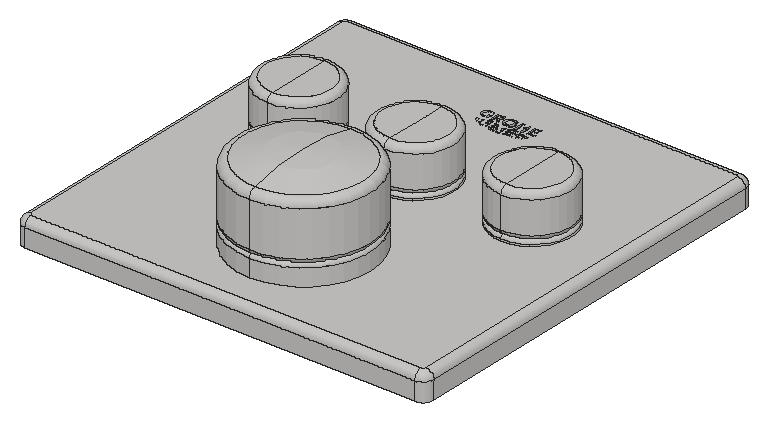
Revit family "Grohe_PlumbingFixtures_Grohtherm_SmartControl_29126000a", category Plumbing Fixtures, host Face, Revit 2017
Family settings
  Host = Face
  Round Connector Dimension = Use Diameter
  Part Type = Normal
  OmniClass Number = 23.45.55.17
  OmniClass Title = Mixing Faucets
  Cut with Voids When Loaded = No
  Shared = Yes
  Room Calculation Point = No
Parameters (values of type "29126000")
  _DistributedBy = "www.bimstore.co.uk"
  _CurrentRevision = 1
  _CreatedBy = "www.bimstore.co.uk"
  _BimSpecGuid = 0
  _BSBibleVersion = 15
  _AuthorizedBy = "Ryan Lashley"
  _Author = "Ryan Lashley"
  Waste Connection = no
  WarrantyStartDate [instance] = "Please Record On Commissioning."
  WarrantyGuarantorParts = "info-uk@grohe.com"
  WarrantyGuarantorLabor = "info-uk@grohe.com"
  WarrantyDurationUnit = "Years"
  WarrantyDurationParts = "n/a"
  WarrantyDurationLabor = "n/a"
  WarrantyDescription = "n/a"
  WFU = 0
  Vent Connection = no
  URL = "www.grohe.com"
  TypeName = "Grohtherm SmartControl Thermostat for concealed installation with 3 valves"
  Type Comments = "29126000"
  SpareParts = "n/a"
  Size = "n/a"
  Shape = "n/a"
  SerialNumber [instance] = "Please Record On Commissioning."
  ReplacementCost = "n/a"
  ReferencedStandard = "n/a"
  ProductionYear = "2017"
  ProductPageURL = "https://www.grohe.co.uk/en_gb/thermostat-for-concealed-installation-with-3-valves-29126000.html"
  ProductDocumentationLink = "https://www.grohe.co.uk/en_gb/thermostat-for-concealed-installation-with-3-valves-29126000.html"
  Primary = Grohe-Chrome-Polished
  PercentageOfRecycledContent = "n/a"
  NominalLength = 0 mm
  NominalHeight = 0 mm
  NominalDepth = 0 mm
  NBSReference = "90-10-90/370"
  NBSOfficeMasterTag = "n/a"
  NBSObjectName = "Grohe - Thermostatic mixing valves"
  NBSNote = ""
  NBSDescription = "Thermostatic mixing valves"
  ModelReference = "Grohtherm SmartControl Thermostat for concealed installation with 3 valves"
  ModelNumber = Type Comments  # "29126000"
  Model = "Grohtherm SmartControl Thermostat for concealed installation with 3 valves"
  Material = "n/a"
  MasterformatTitle = "Sanitary Facilities"
  MasterformatNumber = "01 52 19"
  ManufacturerName = "Grohe"
  Manufacturer = "Grohe"
  LowEmittingMaterial = no
  LEEDCredit = "n/a"
  Keynote = "N13"
  InstallationDate [instance] = "Please Record On Commissioning."
  IndustryStandards = "n/a"
  IfcExportType = "IfcPipeFittingType"
  IfcExportAs = "IfcPipeFitting"
  HWFU = 4.5
  HW Connection = yes
  Grade = "n/a"
  Finish = "Chrome"
  Features = "If you’re looking to enhance your modern, minimalist bathroom look without compromising on usability and performance, then fit a thermostat that takes both to the next level. Packed with useful features, the Grohtherm SmartControl concealed thermostat’s innovative technology allows you to select your desired spray source and adjust the water volume at the push-turn of a button. The three valves offer total flexibility, whatever your shower set up – you can control, switch between or even combine different spray patterns and water outlets – perfect for spaces where you want to have hand, head and side showers, as well as a bath. Integrated GROHE TurboStat technology prevents any unpleasant temperature fluctuations. GROHE EasyLogic markings and textured buttons with exchangeable symbols make it easy and intuitive to use. Family-friendly, the GROHE SafeStop override button allows you to set a maximum temperature of 38° C to prevent scalding – the GROHE SafeStop Plus optional temperature limiter lets you add a further limit of 43° C for an extra level of safety. Water-saving GROHE EcoJoy technology gives you the option of a reduced flow rate with no compromise on enjoyment. Thanks to the GROHE QuickFix system it’s swift and straightforward to install. The slim profile makes it easy to keep clean, and the dazzling, durable GROHE StarLight chrome finish will look pristine for years to come. With a slim, square design perfect for that minimalist, streamlined look, this product is bound to enhance your bathroom scheme. Please note that this product must be installed in combination with the GROHE Rapido SmartBox (35600000)."
  ExpectedLife = 0
  Ecojoy = no
  DurationUnit = "Years"
  DocumentationTechnical = "n/a"
  DocumentationMaintenance = "n/a"
  DocumentationLiterature = "n/a"
  DocumentationInstallationGuide = "n/a"
  DocumentationCertificates = "n/a"
  Description = "If you’re looking to enhance your modern, minimalist bathroom look without compromising on usability and performance, then fit a thermostat that takes both to the next level. Packed with useful features, the Grohtherm SmartControl concealed thermostat’s innovative technology allows you to select your desired spray source and adjust the water volume at the push-turn of a button. The three valves offer total flexibility, whatever your shower set up – you can control, switch between or even combine different spray patterns and water outlets – perfect for spaces where you want to have hand, head and side showers, as well as a bath. Integrated GROHE TurboStat technology prevents any unpleasant temperature fluctuations. GROHE EasyLogic markings and textured buttons with exchangeable symbols make it easy and intuitive to use. Family-friendly, the GROHE SafeStop override button allows you to set a maximum temperature of 38° C to prevent scalding – the GROHE SafeStop Plus optional temperature limiter lets you add a further limit of 43° C for an extra level of safety. Water-saving GROHE EcoJoy technology gives you the option of a reduced flow rate with no compromise on enjoyment. Thanks to the GROHE QuickFix system it’s swift and straightforward to install. The slim profile makes it easy to keep clean, and the dazzling, durable GROHE StarLight chrome finish will look pristine for years to come. With a slim, square design perfect for that minimalist, streamlined look, this product is bound to enhance your bathroom scheme. Please note that this product must be installed in combination with the GROHE Rapido SmartBox (35600000)."
  Default Elevation = 0 mm
  CreatedOn = "2017-11-01T09:00:00"
  CreatedBy = "info-uk@grohe.com"
  Cost = 0
  Constituents = "n/a"
  Color = "Chrome"
  CodePerformance = "n/a"
  ClassificationValue = "Pr_65_54_95_88"
  ClassificationName = "Uniclass2015"
  CWFU = 4.5
  CW Connection = yes
  BarCode [instance] = "Please Record On Commissioning."
  BIMObjectName = "Grohe_PlumbingFixtures_Grohtherm_SmartControl_29126000_Metric"
  AssetType = "Fixed"
  AssetIdentifier [instance] = "Please Record On Commissioning."
  Assembly Code = "D2010"
  AccessibilityPerformance = "n/a"
  ADACompliant = no
Types (5, lengths in mm): name | Type Comments | Primary | ModelNumber
  29126000 | "29126000" | Grohe-Chrome-Polished | "29126000"
  29126A00 | "29126A00" | GroheLimited-HardGraphite | "29126A00"
  29126AL0 | "29126AL0" | GroheLimited-BrushedHardGraphite | "29126AL0"
  29126DL0 | "29126DL0" | GroheLimited-BrushedWarmSunset | "29126DL0"
  29126GN0 | "29126GN0" | GroheLimited-BrushedCoolSunrise | "29126GN0"
Reference planes
  plane 1 "Center (Front/Back)": y = 0
  plane 2: z = 0
  plane 3 "Center (Left/Right)": x = 0
Forms (mm)
  Revolve 1, solid, material "Grohe-Chrome-Polished" <- "Primary"
    sketch origin (0, 0, 0) x (0, 1, 0) y (0, 0, 1)
      loop
        line (-38.948, 0) -> (-13.01, 0) -> (-13.01, 16.589)
        arc (-13.01, 16.589) -> (-13.45, 17.649) -> (-14.51, 18.089) r 1.5
        arc (-14.51, 18.089) -> (-13.45, 18.528) -> (-13.01, 19.589) r 1.5
        line (-13.01, 19.589) -> (-13.01, 36.906)
        arc (-13.01, 36.906) -> (-13.889, 39.027) -> (-16.01, 39.906) r 3
        arc (-16.01, 39.906) -> (-27.366, 42.32) -> (-38.948, 43.131) r 83.187
        line (-38.948, 43.131) -> (-38.948, 0)
      axis (-38.948, 0) -> (-38.948, 43.131)
    angle from 0 to 360
  Revolve 2, solid, material "Grohe-Chrome-Polished" <- "Primary"
    sketch origin (-45, 118.436, 1219.2) x (0, 1, 0) y (0, 0, 1)
      loop
        arc (-88.436, -1193.246) -> (-89.168, -1191.478) -> (-90.936, -1190.746) r 2.5
        line (-90.936, -1190.746) -> (-103.436, -1190.746) -> (-103.436, -1219.2) -> (-88.436, -1219.2) -> (-88.436, -1208.592)
        arc (-88.436, -1208.592) -> (-88.875, -1207.532) -> (-89.936, -1207.092) r 1.5
        arc (-89.936, -1207.092) -> (-88.875, -1206.653) -> (-88.436, -1205.592) r 1.5
        line (-88.436, -1205.592) -> (-88.436, -1193.246)
      axis (-103.436, -1219.2) -> (-103.436, -1190.746)
    angle from 0 to 360
  Revolve 3, solid, material "Grohe-Chrome-Polished" <- "Primary"
    sketch origin (45, 118.436, 1219.2) x (0, 1, 0) y (0, 0, -1)
      loop
        line (-88.436, 1193.246) -> (-88.436, 1205.592)
        arc (-88.436, 1205.592) -> (-88.875, 1206.653) -> (-89.936, 1207.092) r 1.5
        arc (-89.936, 1207.092) -> (-88.875, 1207.532) -> (-88.436, 1208.592) r 1.5
        line (-88.436, 1208.592) -> (-88.436, 1219.2) -> (-103.436, 1219.2) -> (-103.436, 1190.746) -> (-90.936, 1190.746)
        arc (-90.936, 1190.746) -> (-89.168, 1191.478) -> (-88.436, 1193.246) r 2.5
      axis (-103.436, 1219.2) -> (-103.436, 1190.746)
    angle from 0 to 360
  Revolve 4, solid, material "Grohe-Chrome-Polished" <- "Primary"
    sketch origin (0, 118.436, 1219.2) x (0, 1, 0) y (0, 0, -1)
      loop
        line (-88.436, 1193.246) -> (-88.436, 1205.592)
        arc (-88.436, 1205.592) -> (-88.875, 1206.653) -> (-89.936, 1207.092) r 1.5
        arc (-89.936, 1207.092) -> (-88.875, 1207.532) -> (-88.436, 1208.592) r 1.5
        line (-88.436, 1208.592) -> (-88.436, 1219.2) -> (-103.436, 1219.2) -> (-103.436, 1190.746) -> (-90.936, 1190.746)
        arc (-90.936, 1190.746) -> (-89.168, 1191.478) -> (-88.436, 1193.246) r 2.5
      axis (-103.436, 1219.2) -> (-103.436, 1190.746)
    angle from 0 to 360
  Extrusion 5, void
    sketch origin (76.161, -27.87, 153.7) x (0, 1, 0) y (-1, 0, 0)
      loop
        spline (87.555, 81.289) -> (87.887, 82.628) -> (87.745, 83.695) -> (87.295, 84.469) -> (86.699, 84.932) -> (86.051, 85.104) -> (85.409, 85.033) -> (84.827, 84.764) -> (84.353, 84.331) -> (84.021, 83.74) -> (83.863, 82.996) -> (83.936, 82.119) -> (84.344, 81.161)
        line (84.344, 81.161) -> (85.87, 81.161) -> (85.87, 82.167) -> (84.746, 82.167)
        spline (84.746, 82.167) -> (84.504, 82.743) -> (84.528, 83.242) -> (84.755, 83.645) -> (85.125, 83.934) -> (85.576, 84.093) -> (86.047, 84.102) -> (86.482, 83.954) -> (86.841, 83.659) -> (87.086, 83.231) -> (87.178, 82.684) -> (87.081, 82.032) -> (86.755, 81.289)
        line (86.755, 81.289) -> (87.555, 81.289)
      loop
        line (83.951, 80.338) -> (83.951, 79.329) -> (87.024, 79.329)
        spline (87.024, 79.329) -> (87.029, 79.038) -> (87.035, 78.793) -> (87.026, 78.589) -> (86.985, 78.42) -> (86.897, 78.281) -> (86.748, 78.169) -> (86.552, 78.097) -> (86.337, 78.089) -> (86.129, 78.171) -> (85.958, 78.365) -> (85.851, 78.696) -> (85.837, 79.188)
        line (85.837, 79.188) -> (83.951, 77.819) -> (83.951, 76.51) -> (85.511, 77.819)
        arc (85.511, 77.819) -> (86.802, 77.083) -> (87.755, 78.223) r 1.158
        line (87.755, 78.223) -> (87.755, 80.338) -> (83.951, 80.338)
      loop
        spline (83.801, 74.144) -> (83.871, 73.536) -> (84.074, 72.97) -> (84.398, 72.483) -> (84.819, 72.11) -> (85.311, 71.875) -> (85.838, 71.795) -> (86.365, 71.875) -> (86.856, 72.11) -> (87.278, 72.483) -> (87.601, 72.97) -> (87.805, 73.536) -> (87.874, 74.144)
        spline (87.874, 74.144) -> (87.805, 74.752) -> (87.601, 75.319) -> (87.278, 75.805) -> (86.856, 76.179) -> (86.365, 76.413) -> (85.838, 76.493) -> (85.311, 76.413) -> (84.819, 76.179) -> (84.398, 75.805) -> (84.074, 75.319) -> (83.871, 74.752) -> (83.801, 74.144)
      loop
        spline (84.492, 74.144) -> (84.538, 73.81) -> (84.673, 73.498) -> (84.886, 73.23) -> (85.165, 73.025) -> (85.489, 72.896) -> (85.838, 72.851) -> (86.186, 72.896) -> (86.51, 73.025) -> (86.789, 73.23) -> (87.003, 73.498) -> (87.137, 73.81) -> (87.183, 74.144)
        spline (87.183, 74.144) -> (87.137, 74.479) -> (87.003, 74.791) -> (86.789, 75.059) -> (86.51, 75.264) -> (86.186, 75.393) -> (85.838, 75.437) -> (85.489, 75.393) -> (85.165, 75.264) -> (84.886, 75.059) -> (84.673, 74.791) -> (84.538, 74.479) -> (84.492, 74.144)
      loop
        line (83.95, 71.102) -> (83.95, 70.1) -> (85.811, 70.1) -> (85.811, 68.368) -> (83.95, 68.368) -> (83.95, 67.366) -> (87.982, 67.366) -> (87.982, 68.368) -> (86.592, 68.368) -> (86.592, 70.1) -> (87.982, 70.1) -> (87.982, 71.102) -> (83.95, 71.102)
      loop
        line (83.95, 66.313) -> (83.95, 63.467) -> (84.782, 63.467) -> (84.782, 65.311) -> (85.582, 65.311) -> (85.582, 63.967) -> (86.382, 63.967) -> (86.382, 65.311) -> (87.182, 65.311) -> (87.182, 63.682) -> (87.982, 63.682) -> (87.982, 66.313) -> (83.95, 66.313)
      loop
        arc (82.595, 81.499) -> (82.17, 82.773) -> (82.083, 84.113) r 5.216
        line (82.083, 84.113) -> (81.375, 83.598)
        arc (81.375, 83.598) -> (81.543, 82.365) -> (81.965, 81.194) r 5.916
        arc (81.965, 81.194) -> (82.476, 78.968) -> (81.965, 76.743) r 5.1
        arc (81.965, 76.743) -> (81.372, 74.162) -> (81.965, 71.581) r 5.916
        arc (81.965, 71.581) -> (82.476, 69.355) -> (81.965, 67.13) r 5.1
        arc (81.965, 67.13) -> (81.543, 65.959) -> (81.375, 64.726) r 5.916
        line (81.375, 64.726) -> (82.083, 64.211)
        arc (82.083, 64.211) -> (82.17, 65.551) -> (82.595, 66.824) r 5.216
        arc (82.595, 66.824) -> (83.176, 69.355) -> (82.595, 71.886) r 5.8
        arc (82.595, 71.886) -> (82.072, 74.162) -> (82.595, 76.438) r 5.216
        arc (82.595, 76.438) -> (83.176, 78.968) -> (82.595, 81.499) r 5.8
      loop
        arc (81.095, 66.824) -> (81.676, 69.355) -> (81.095, 71.886) r 5.8
        arc (81.095, 71.886) -> (80.572, 74.162) -> (81.095, 76.438) r 5.216
        arc (81.095, 76.438) -> (81.676, 78.968) -> (81.095, 81.499) r 5.8
        arc (81.095, 81.499) -> (80.853, 82.087) -> (80.684, 82.7) r 5.216
        line (80.684, 82.7) -> (80.154, 81.971)
        arc (80.154, 81.971) -> (80.296, 81.577) -> (80.465, 81.194) r 5.916
        arc (80.465, 81.194) -> (80.976, 78.968) -> (80.465, 76.743) r 5.1
        arc (80.465, 76.743) -> (79.872, 74.162) -> (80.465, 71.581) r 5.916
        arc (80.465, 71.581) -> (80.976, 69.355) -> (80.465, 67.13) r 5.1
        arc (80.465, 67.13) -> (80.296, 66.747) -> (80.154, 66.353) r 5.916
        line (80.154, 66.353) -> (80.684, 65.624)
        arc (80.684, 65.624) -> (80.853, 66.237) -> (81.095, 66.824) r 5.216
      loop
        line (79.776, 81.084) -> (79.321, 80.217)
        arc (79.321, 80.217) -> (79.45, 78.449) -> (78.965, 76.743) r 5.1
        arc (78.965, 76.743) -> (78.372, 74.162) -> (78.965, 71.581) r 5.916
        arc (78.965, 71.581) -> (79.45, 69.875) -> (79.321, 68.107) r 5.1
        line (79.321, 68.107) -> (79.776, 67.239)
        arc (79.776, 67.239) -> (80.172, 69.582) -> (79.595, 71.886) r 5.8
        arc (79.595, 71.886) -> (79.072, 74.162) -> (79.595, 76.438) r 5.216
        arc (79.595, 76.438) -> (80.172, 78.742) -> (79.776, 81.084) r 5.8
    from -144.261 to -143.268
  Extrusion 6, solid, material "Grohe-Chrome-Polished" <- "Primary"
    sketch origin (0, 47.019, -240) x (0, 1, 0) y (-1, 0, 0)
      loop
        arc (31.981, 75) -> (30.81, 77.828) -> (27.981, 79) r 4
        line (27.981, 79) -> (-122.019, 79)
        arc (-122.019, 79) -> (-124.847, 77.828) -> (-126.019, 75) r 4
        line (-126.019, 75) -> (-126.019, -75)
        arc (-126.019, -75) -> (-124.847, -77.828) -> (-122.019, -79) r 4
        line (-122.019, -79) -> (27.981, -79)
        arc (27.981, -79) -> (30.81, -77.828) -> (31.981, -75) r 4
        line (31.981, -75) -> (31.981, 75)
    from 240 to 250
  Sweep 7, void
    path in 3D
      loop
        arc (79, 75, 10) -> (77.828, 77.828, 10) -> (75, 79, 10) r 4
        line (75, 79, 10) -> (-75, 79, 10)
        arc (-75, 79, 10) -> (-77.828, 77.828, 10) -> (-79, 75, 10) r 4
        line (-79, 75, 10) -> (-79, -75, 10)
        arc (-79, -75, 10) -> (-77.828, -77.828, 10) -> (-75, -79, 10) r 4
        line (-75, -79, 10) -> (75, -79, 10)
        arc (75, -79, 10) -> (77.828, -77.828, 10) -> (79, -75, 10) r 4
        line (79, -75, 10) -> (79, 75, 10)
    profile origin (79, 0, 10) x (-1, 0, 0) y (0, 0, 1)
      loop
        line (0, 0) -> (0, -3)
        arc (0, -3) -> (0.879, -0.879) -> (3, 0) r 3
        line (3, 0) -> (0, 0)
Cuts and joins
  Extrusion 5, Sweep 7 cuts Extrusion 6
  joined: Revolve 1, Revolve 2, Revolve 3, Revolve 4, Extrusion 6
Lines and regions (mm)
  sketch lines
    curve 1: line (79, -75, 10) -> (79, 75, 10)
    curve 2: line (75, 79, 10) -> (-75, 79, 10)
    curve 3: line (-79, 75, 10) -> (-79, -75, 10)
    curve 4: line (-75, -79, 10) -> (75, -79, 10)
    curve 5: arc (-75, -79, 10) -> (-77.828, -77.828, 10) -> (-79, -75, 10) r 4
    curve 6: arc (-79, 75, 10) -> (-77.828, 77.828, 10) -> (-75, 79, 10) r 4
    curve 7: arc (75, 79, 10) -> (77.828, 77.828, 10) -> (79, 75, 10) r 4
    curve 8: arc (79, -75, 10) -> (77.828, -77.828, 10) -> (75, -79, 10) r 4
Dimensions and locks
  aligned and locked: plane 2 to host face
  aligned and locked: level to host face
